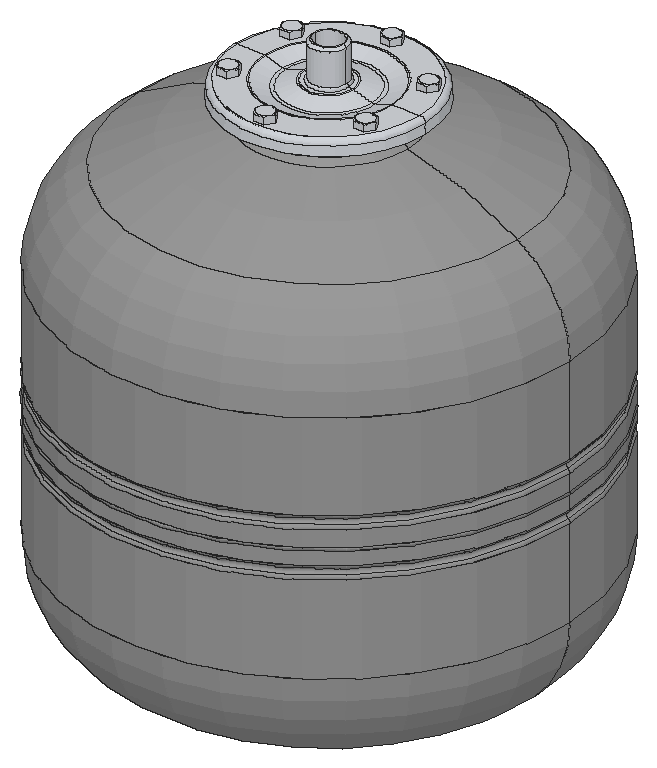
Revit family "WDV 35", category Оборудование, Revit 2014
Parameters
  Описание = "Мембранный бак для ГВС V=35л, Py=12бар, 3/4\""
  Материал крышки = Черная резина
  Материал = Белая краска
  Масса кг = "6.25"
  Крышка [instance] = yes
  Комментарии к типоразмеру = "WDV 35"
  Изготовитель = "WESTER"  # constant formula
  URL = "http://www.wester.su/"
Reference planes
  plane 1 "По центру (Вперед/Назад)": y = 0
  plane 2: z = 0
  plane 3 "По центру (Влево/Вправо)": x = 0
Forms (mm)
  Revolve 1, solid, material "Белая краска" <- "Материал"
    sketch origin (-161.5, 0, 141.055) x (0, 0, -1) y (1, 0, 0)
      loop
        line (26.628, 344.004) -> (-40.712, 344.004)
        arc (-40.712, 344.004) -> (-42.194, 343.606) -> (-43.28, 342.521) r 2.965
        arc (-43.28, 342.521) -> (-45.441, 341.273) -> (-47.602, 342.521) r 2.495
        arc (-47.602, 342.521) -> (-48.701, 343.607) -> (-50.194, 344.004) r 3.007
        line (-50.194, 344.004) -> (-60.315, 344.004)
        arc (-60.315, 344.004) -> (-61.381, 344.338) -> (-62.448, 344.004) r 1.869
        line (-62.448, 344.004) -> (-74.702, 344.004)
        arc (-74.702, 344.004) -> (-76.195, 343.607) -> (-77.294, 342.521) r 3.007
        arc (-77.294, 342.521) -> (-79.455, 341.273) -> (-81.616, 342.521) r 2.495
        arc (-81.616, 342.521) -> (-82.701, 343.606) -> (-84.184, 344.004) r 2.965
        line (-84.184, 344.004) -> (-150.529, 344.004)
        arc (-150.529, 344.004) -> (-190.143, 333.573) -> (-219.484, 304.985) r 80.44
        arc (-219.484, 304.985) -> (-239.398, 264.627) -> (-252.409, 221.545) r 272.899
        line (-252.409, 221.545) -> (-264.945, 209.009) -> (-264.945, 161.5) -> (124.057, 161.5) -> (124.057, 168.355)
        arc (124.057, 168.355) -> (124.128, 168.929) -> (124.385, 169.448) r 1.727
        line (124.385, 169.448) -> (133.11, 181.457)
        arc (133.11, 181.457) -> (134.011, 183.628) -> (133.832, 185.971) r 5.05
        arc (133.832, 185.971) -> (121.593, 247.772) -> (95.5, 305.116) r 272.734
        arc (95.5, 305.116) -> (66.174, 333.61) -> (26.628, 344.004) r 80.432
      axis (-264.945, 161.5) -> (133.832, 161.5)
    angle from 0 to 360
  Revolve 2, solid
    sketch origin (0, 0, 139.441) x (1, 0, 0) y (0, 0, 1)
      loop
        line (0, 266.559) -> (69.996, 266.559) -> (69.996, 268.559) -> (73.753, 268.559) -> (73.151, 275.443)
        arc (73.151, 275.443) -> (71.956, 278.131) -> (69.36, 279.516) r 4.524
        line (69.36, 279.516) -> (48.486, 279.516)
        arc (48.486, 279.516) -> (47.948, 279.469) -> (47.425, 279.329) r 3.112
        line (47.425, 279.329) -> (35.297, 275.272)
        arc (35.297, 275.272) -> (34.006, 275.061) -> (32.715, 275.272) r 4.069
        line (32.715, 275.272) -> (19.199, 279.345)
        arc (19.199, 279.345) -> (18.626, 279.473) -> (18.041, 279.516) r 4.016
        line (18.041, 279.516) -> (14.537, 279.516)
        arc (14.537, 279.516) -> (14.223, 280.763) -> (13.211, 281.557) r 1.989
        line (13.211, 281.557) -> (13.211, 305.56) -> (11.217, 307.555) -> (10.417, 307.555) -> (10.417, 279.516) -> (0, 279.516) -> (0, 266.559)
      axis (0, 307.555) -> (0, 266.559)
    angle from 0 to 360
  Revolve 3, solid
    sketch origin (0, 0, 0) x (1, 0, 0) y (0, 0, 1)
      loop
        line (3.985, 0.988) -> (3.985, 12.5) -> (6.063, 12.5) -> (6.063, 16.998) -> (0, 16.998) -> (0, 3.846) -> (1.586, 3.846) -> (2.15, 3.283) -> (2.15, 0) -> (2.997, 0) -> (3.985, 0.988)
      axis (0, 16.998) -> (0, 0)
    angle from 0 to 360
  Revolve 4, solid, material "Черная резина" <- "Материал крышки", visible <- "Крышка"
    sketch origin (0, 0, 0) x (1, 0, 0) y (0, 0, 1)
      loop
        line (0, 16.998) -> (-6.855, 16.998) -> (-22.393, 6.118) -> (-15.273, -1.003) -> (0, -1.003) -> (0, 16.998)
      axis (0, 16.998) -> (0, -1.003)
    angle from 0 to 360
Dimensions and locks
  aligned and locked: level to plane 2
Nested families
  nested 1: "Болт" at (0, -59.993, 419), type "Болт"
  nested 2: "Болт" at (-51.958, -30, 419), type "Болт"
  nested 3: "Болт" at (-51.962, 29.993, 419), type "Болт"
  nested 4: "Болт" at (0, 59.993, 419), type "Болт"
  nested 5: "Болт" at (51.95, 30, 419), type "Болт"
  nested 6: "Болт" at (51.954, -29.993, 419), type "Болт"
Connectors
  piping at (0, 0, 446.996), diameter 20
    settings: on Revolve 2, index 1, connector inside diameter 609.6 mm, connector length 0 mm, flow factor 0, pipe flow 0.0 L/s, pressure drop 0.0 Pa, fitting loss kfactor 0, connector angle 0.00°, fixture units 0, engagement length 0 mm, angle of deflection 0.00°, flow configuration 1, flow direction 1, fitting loss method 0, system type 29, joint type 0, gender type 0, connector reference index -1, connector utility 0, adjustable connector no, is connector primary yes, connector description ""
Definition of nested family "Болт"
  Parameters (values of type "Болт")
    Default Elevation = 1219.2 mm
  Reference planes
    plane 1 "По центру (Вперед/Назад)": y = 0
    plane 2: z = 0
    plane 3 "По центру (Влево/Вправо)": x = 0
  Forms (mm)
    Extrusion 1, solid
      sketch origin (0, 0, 0) x (1, 0, 0) y (0, 1, 0)
        loop
          line (-1219.2, 1219.2) -> (-1219.2, -1219.2) -> (1219.2, -1219.2) -> (1219.2, 1219.2) -> (-1219.2, 1219.2)
      from 0 to -304.8
    Extrusion 2, solid, detail levels medium+fine
      sketch origin (0, 0, 0) x (0, 1, 0) y (-1, 0, 0)
        loop
          line (-6.5, -3.753) -> (0, -7.506) -> (6.5, -3.753) -> (6.5, 3.753) -> (0, 7.506) -> (-6.5, 3.753) -> (-6.5, -3.753)
      from 0 to 5.3
    Extrusion 3, solid, detail levels medium+fine
      sketch origin (0, 0, 0) x (1, 0, 0) y (0, 1, 0)
        loop
          circle (0, 0) r 4
      from -14 to 0
    Revolve 4, void
      sketch origin (0, 0, 0) x (1, 0, 0) y (0, 0, 1)
        loop
          line (-7.506, 4.447) -> (-6.413, 5.3) -> (-7.506, 5.3) -> (-7.506, 4.447)
        axis (0, 5.3) -> (0, 4.3)
      angle from 0 to 360
    Revolve 5, void
      sketch origin (0, 0, 0) x (1, 0, 0) y (0, 0, 1)
        loop
          line (-4, -14) -> (-2.365, -14) -> (-4, -12.365) -> (-4, -14)
        axis (0, -12.365) -> (0, -14)
      angle from 0 to 360
  Cuts and joins
    Revolve 4 cuts Extrusion 2
    Revolve 5 cuts Extrusion 3
    joined: Extrusion 2, Extrusion 3
  Dimensions and locks
    aligned and locked: plane 2 to Extrusion 1
    aligned and locked: level to Extrusion 1
    aligned and locked: Revolve 4 sketch curve to plane 3 "По центру (Влево/Вправо)"
    aligned and locked: cut or joined group of Extrusion 2, Extrusion 3, Revolve 4, Revolve 5 to Revolve 4 sketch curve
